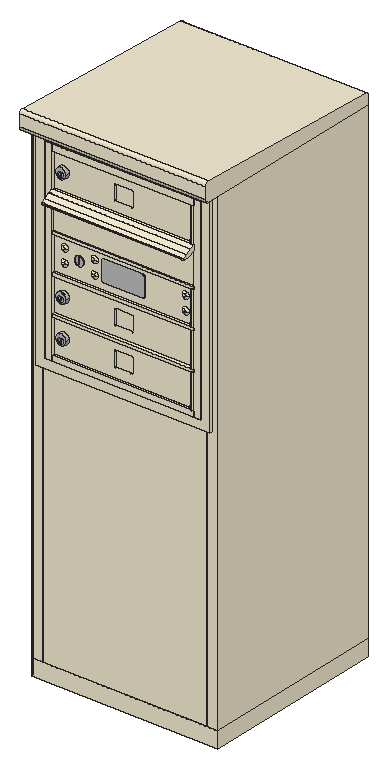
Revit family "Mailboxes_4C-Salsbury_Industries-Free_Standing-5_Door_High_Units", category Specialty Equipment, Revit 2016
Family settings
  Part Type = Normal
  Round Connector Dimension = Use Diameter
  OmniClass Number = 23.40.90.14.11
  OmniClass Title = Mail Boxes
  Work Plane-Based = No
  Always vertical = Yes
  Cut with Voids When Loaded = No
  Shared = No
  Room Calculation Point = No
Parameters (values of type "3905S-03")
  Width = 17.496"
  Visible Door Number = yes
  Version = "1.0 (06/30/17)"
  URL = "www.mailboxes.com"
  Type Comments = "Free-Standing 4C Horizontal Mailboxes - Front Loading"
  OmniClass 23 Title = "Mail Boxes"
  OmniClass 23 Number = "23.40.90.14.11"
  Model = "3905S-03"
  MasterFormat Title = "Postal Specialties"
  MasterFormat Number = "10 55 00"
  Manufacturer = "Salsbury Industries"
  Lock Material = Stainless Steel - Salsbury Finish -  Polished
  Height = 48.250"
  Front Panel Material [instance] = Paint - Salsbury Finish - Sandstone
  Front Panel Height = Height - [4C Unit Height] - 2.746"  # 25.504"
  Door Slot R5 Number [instance] = "3"
  Door Slot R4 Number [instance] = "2"
  Door Slot R3 Number [instance] = "0"
  Door Slot R2 Number [instance] = "0"
  Door Slot R1 Number [instance] = "1"
  Door Slot L5 Number [instance] = "0"
  Door Slot L4 Number [instance] = "0"
  Door Slot L3 Number [instance] = "0"
  Door Slot L2 Number [instance] = "0"
  Door Slot L1 Number [instance] = "0"
  Description = "5 Door High Unit:  3 MB1, OM2"
  Depth = 19.000"
  Assembly Description = "Mailboxes"
  Assembly Code = "C1030910"
  4C Unit Height = 20.000"
  4C Unit Elevation = 26.500"
  4C Unit = Mailboxes_4C-Salsbury_Industries-Front_Load-5_Door_High_Units : 3705S-03 FL
Reference planes (in)
  plane 1 "Center (Front/Back)": y = 0
  plane 2 "Bottom of Unit": z = 0
  plane 3 "Center (Left/Right)": x = 0
  plane 4 "Left Side of Unit": x = 8.748
  plane 5 "Right Side of Unit": x = -8.748
  plane 6 "Front of Unit": y = -9.5
  plane 7 "Back of Unit": y = 9.5
  plane 8: z = 24.125
  plane 9 "Top of Unit": z = 48.25
  plane 10 "Bottom Trim Line of Enclosure": z = 1.5
  plane 11 "Top Trim Line of Enclosure": z = 46.5
  plane 12 "Left Trim Line of Enclosure": x = 7.6855
  plane 13 "Right Trim Line of Enclosure": x = -7.685
  plane 14 "Top Back Line of Unit": z = 47.5
  plane 15 "Front Panel Top Line": z = 27.004
  plane 16 "Alignment of 4C Unit": y = -8.125
  plane 17: x = -8.667
  plane 18: x = 8.667
  plane 19: y = 9.419
  plane 20: y = -8.044
  plane 21: x = -8.667
  plane 22: x = 8.667
  plane 23: y = -8.044
  plane 24: y = 9.419
  plane 25: x = -8.667
  plane 26: x = 8.667
  plane 27: y = 9.419
  plane 28: y = -8.044
  plane 29 "Bottom Trim Line of 4C Unit": z = 26.5
  plane 30 "4C Unit Side Alignment": x = -8.17183
  plane 31: z = 0.081
Forms (in)
  Extrusion 1, solid, material "Paint - Salsbury Finish - Sandstone" <- "Front Panel Material"
    sketch origin (0, 0, 1.5) x (0, 1, 0) y (-1, 0, 0)
      loop
        line (-8.125, 7.685) -> (-8.044, 7.685) -> (-8.044, 8.667) -> (9.419, 8.667) -> (9.419, -8.667) -> (-8.044, -8.667) -> (-8.044, -7.6855) -> (-8.125, -7.6855) -> (-8.125, -8.748) -> (9.5, -8.748) -> (9.5, 8.748) -> (-8.125, 8.748) -> (-8.125, 7.685)
    from 0 to 45
  Extrusion 2, solid, material "Paint - Salsbury Finish - Sandstone" <- "Front Panel Material"
    sketch origin (0, 0, 0) x (1, 0, 0) y (0, 1, 0)
      loop
        line (-8.748, 9.5) -> (-8.748, -8.125) -> (8.748, -8.125) -> (8.748, 9.5) -> (-8.748, 9.5)
      loop
        line (-8.667, 9.419) -> (-8.667, -8.044) -> (8.667, -8.044) -> (8.667, 9.419) -> (-8.667, 9.419)
    from 0 to 1.5
  Extrusion 3, solid, material "Paint - Salsbury Finish - Sandstone" <- "Front Panel Material"
    sketch origin (0, 0, 0) x (1, 0, 0) y (0, 1, 0)
      loop
        line (-8.667, 9.419) -> (-8.667, -8.044) -> (8.667, -8.044) -> (8.667, 9.419) -> (-8.667, 9.419)
    from 0 to 0.081
  Extrusion 4, solid, material "Paint - Salsbury Finish - Sandstone" <- "Front Panel Material"
    sketch origin (0, -8.125, 0) x (1, 0, 0) y (0, 0, 1)
      loop
        line (7.6855, 1.5) -> (7.6855, 27.004) -> (-7.685, 27.004) -> (-7.685, 1.5) -> (7.6855, 1.5)
    from 0 to -0.081
  Extrusion 5, solid, material "Paint - Salsbury Finish - Sandstone" <- "Front Panel Material"
    sketch origin (0, 0, 0) x (0, 1, 0) y (0, 0, 1)
      loop
        line (-9.18965, 46.5) -> (9.5, 46.5) -> (9.5, 47.39071)
        arc (9.5, 47.39071) -> (9.47754, 47.45873) -> (9.419, 47.5) r 0.11423
        line (9.419, 47.5) -> (-9.184, 48.25)
        arc (-9.184, 48.25) -> (-9.40731, 48.15886) -> (-9.5, 47.93619) r 0.31382
        line (-9.5, 47.93619) -> (-9.5, 46.81035)
        arc (-9.5, 46.81035) -> (-9.4091, 46.5909) -> (-9.18965, 46.5) r 0.31035
    from -8.748 to 8.748
Lines and regions (in)
  symbolic lines
    curve 1: line (-8.748, 9.5, 0) -> (8.748, 9.5, 0)
    curve 2: line (-8.748, -9.5, 0) -> (-8.748, 9.5, 0)
    curve 3: line (8.748, -9.5, 0) -> (-8.748, -9.5, 0)
    curve 4: line (8.748, 9.5, 0) -> (8.748, -9.5, 0)
    curve 5: line (-8.748, 0, 48.25) -> (8.748, 0, 48.25)
    curve 6: line (-8.748, 0, 0) -> (-8.748, 0, 48.25)
    curve 7: line (8.748, 0, 0) -> (-8.748, 0, 0)
    curve 8: line (8.748, 0, 48.25) -> (8.748, 0, 0)
    curve 9: line (-8.748, 0, 46.5) -> (8.748, 0, 46.5)
    curve 10: line (-8.748, 0, 1.5) -> (8.748, 0, 1.5)
    curve 11: line (-7.685, 0, 1.5) -> (-7.685, 0, 26.5)
    curve 12: line (7.6855, 0, 1.5) -> (7.6855, 0, 26.5)
    curve 13: line (-7.685, 0, 27.004) -> (7.6855, 0, 27.004)
    curve 14: line (0, -8.125, 46.50073) -> (0, 9.5, 46.50073)
    curve 15: line (0, -8.125, 0) -> (0, -8.125, 46.50073)
    curve 16: line (0, 9.5, 0) -> (0, -8.125, 0)
    curve 17: line (0, 9.5, 46.50073) -> (0, 9.5, 0)
    curve 18: line (0, -8.125, 1.5) -> (0, 9.5, 1.5)
    curve 19: line (0, 9.5, 47.39071) -> (0, 9.5, 46.50073)
    curve 20: line (0, 9.5, 46.50073) -> (0, -9.19074, 46.50073)
    curve 21: line (0, -9.5, 46.80999) -> (0, -9.5, 47.93531)
    curve 22: arc (0, -9.19074, 46.50073) -> (0, -9.40942, 46.59131) -> (0, -9.5, 46.80999) r 0.30926
    curve 23: arc (0, -9.5, 47.93531) -> (0, -9.40736, 48.15896) -> (0, -9.18371, 48.2516) r 0.31629
    curve 24: arc (0, 9.5, 47.39071) -> (0, 9.47754, 47.45873) -> (0, 9.419, 47.5) r 0.11423
    curve 25: line (0, 9.419, 47.5) -> (0, -9.18371, 48.2516)
Dimensions and locks (in)
  equal spacing: plane 6 "Front of Unit", plane 1 "Center (Front/Back)", plane 7 "Back of Unit"
  "Depth": plane 6 "Front of Unit" to plane 7 "Back of Unit"
  equal spacing: plane 5 "Right Side of Unit", plane 3 "Center (Left/Right)", plane 4 "Left Side of Unit"
  "Width": plane 5 "Right Side of Unit" to plane 4 "Left Side of Unit"
  equal spacing: plane 2 "Bottom of Unit", plane 8, plane 9 "Top of Unit"
  plane 2 "Bottom of Unit" to plane 9 "Top of Unit" = 48.250"
  locked: plane 2 "Bottom of Unit" to plane 10 "Bottom Trim Line of Enclosure" at 1.5
  "Front Panel Height": plane 10 "Bottom Trim Line of Enclosure" to plane 15 "Front Panel Top Line"
  locked: plane 5 "Right Side of Unit" to plane 13 "Right Trim Line of Enclosure" at 1.063
  locked: plane 12 "Left Trim Line of Enclosure" to plane 4 "Left Side of Unit" at 1.0625
  plane 11 "Top Trim Line of Enclosure" to plane 14 "Top Back Line of Unit" to plane 9 "Top of Unit" = 1.000", 0.750"
  plane 6 "Front of Unit" to plane 16 "Alignment of 4C Unit" = 1.375"
  plane 11 "Top Trim Line of Enclosure" to plane 9 "Top of Unit" = 1.750"
  plane 5 "Right Side of Unit" to plane 17 = 0.081"
  plane 19 to plane 7 "Back of Unit" = 0.081"
  plane 18 to plane 4 "Left Side of Unit" = 0.081"
  plane 16 "Alignment of 4C Unit" to plane 20 = 0.081"
  plane 24 to plane 7 "Back of Unit" = 0.081"
  plane 5 "Right Side of Unit" to plane 21 = 0.081"
  plane 22 to plane 4 "Left Side of Unit" = 0.081"
  plane 16 "Alignment of 4C Unit" to plane 23 = 0.081"
  plane 16 "Alignment of 4C Unit" to plane 28 = 0.081"
  plane 26 to plane 4 "Left Side of Unit" = 0.081"
  plane 5 "Right Side of Unit" to plane 25 = 0.081"
  plane 27 to plane 7 "Back of Unit" = 0.081"
  plane 30 "4C Unit Side Alignment" to plane 13 "Right Trim Line of Enclosure" = 0.48683"
  locked: plane 31 to plane 2 "Bottom of Unit" at 0.081
  "Height": plane 9 "Top of Unit" to plane 2 "Bottom of Unit"
  "4C Unit Height": plane 11 "Top Trim Line of Enclosure" to plane 29 "Bottom Trim Line of 4C Unit"
  plane 15 "Front Panel Top Line" to plane 29 "Bottom Trim Line of 4C Unit" = 0.504"
  aligned and locked: level to plane 2 "Bottom of Unit"
  aligned and locked: Extrusion 1 to plane 11 "Top Trim Line of Enclosure"
  aligned and locked: Extrusion 2 sketch curve to Extrusion 1  (x4)
  aligned and locked: Extrusion 2 to plane 10 "Bottom Trim Line of Enclosure"
  aligned and locked: Extrusion 3 sketch curve to Extrusion 1  (x3)
  aligned and locked: plane 15 "Front Panel Top Line" to Extrusion 4 sketch curve
  aligned and locked: plane 13 "Right Trim Line of Enclosure" to Extrusion 4 sketch curve
  aligned and locked: plane 12 "Left Trim Line of Enclosure" to Extrusion 4 sketch curve
  aligned and locked: Extrusion 5 to plane 4 "Left Side of Unit"
  aligned and locked: plane 5 "Right Side of Unit" to Extrusion 5
  aligned and locked: plane 13 "Right Trim Line of Enclosure" to Extrusion 1 sketch curve
  aligned and locked: Extrusion 1 sketch curve to plane 20
  aligned and locked: Extrusion 1 sketch curve to plane 16 "Alignment of 4C Unit"  (x2)
  aligned and locked: Extrusion 1 sketch curve to plane 5 "Right Side of Unit"
  aligned and locked: plane 17 to Extrusion 1 sketch curve
  aligned and locked: Extrusion 1 sketch curve to plane 19
  aligned and locked: plane 7 "Back of Unit" to Extrusion 1 sketch curve
  aligned and locked: plane 4 "Left Side of Unit" to Extrusion 1 sketch curve
  aligned and locked: Extrusion 1 sketch curve to plane 18
  aligned and locked: plane 20 to Extrusion 1 sketch curve
  aligned and locked: plane 12 "Left Trim Line of Enclosure" to Extrusion 1 sketch curve
  aligned and locked: plane 10 "Bottom Trim Line of Enclosure" to Extrusion 1
  aligned and locked: plane 6 "Front of Unit" to Extrusion 5 sketch curve  (x2)
  aligned and locked: plane 11 "Top Trim Line of Enclosure" to Extrusion 5 sketch curve
  aligned and locked: Extrusion 5 sketch curve to plane 7 "Back of Unit"
  aligned and locked: plane 7 "Back of Unit" to Extrusion 5 sketch curve
  aligned and locked: plane 14 "Top Back Line of Unit" to Extrusion 5 sketch curve
  aligned and locked: plane 9 "Top of Unit" to Extrusion 5 sketch curve
  aligned and locked: Extrusion 4 sketch curve to plane 10 "Bottom Trim Line of Enclosure"
  aligned and locked: plane 16 "Alignment of 4C Unit" to Extrusion 4
  aligned and locked: Extrusion 4 to plane 28
  aligned and locked: Extrusion 3 to plane 2 "Bottom of Unit"
  aligned and locked: plane 31 to Extrusion 3
  aligned and locked: Extrusion 2 to plane 2 "Bottom of Unit"
  aligned and locked: plane 22 to Extrusion 2 sketch curve
  aligned and locked: Extrusion 2 sketch curve to plane 21
  aligned and locked: plane 24 to Extrusion 2 sketch curve
  aligned and locked: curve 1 to Extrusion 1
  aligned and locked: curve 2 to Extrusion 1
  aligned and locked: curve 4 to Extrusion 1
  aligned and locked: curve 6 to Extrusion 5
  aligned and locked: curve 7 to Extrusion 2
  aligned and locked: plane 9 "Top of Unit" to curve 5
  aligned and locked: curve 9 to Extrusion 1
  aligned and locked: plane 5 "Right Side of Unit" to curve 9
  aligned and locked: plane 4 "Left Side of Unit" to curve 9
  aligned and locked: plane 4 "Left Side of Unit" to curve 10
  aligned and locked: Extrusion 1 to curve 11
  aligned and locked: plane 10 "Bottom Trim Line of Enclosure" to curve 11
  aligned and locked: curve 12 to Extrusion 1
  aligned and locked: plane 10 "Bottom Trim Line of Enclosure" to curve 12
  aligned and locked: curve 13 to Extrusion 4
  aligned and locked: plane 12 "Left Trim Line of Enclosure" to curve 13
  aligned and locked: plane 13 "Right Trim Line of Enclosure" to curve 13
  aligned and locked: plane 7 "Back of Unit" to curve 17
  aligned and locked: plane 2 "Bottom of Unit" to curve 16
  aligned and locked: plane 11 "Top Trim Line of Enclosure" to Extrusion 5
  aligned and locked: plane 16 "Alignment of 4C Unit" to Extrusion 1
  aligned and locked: Extrusion 1 to curve 18
  aligned and locked: plane 7 "Back of Unit" to curve 18
  aligned and locked: plane 16 "Alignment of 4C Unit" to curve 18
  aligned and locked: curve 19 to Extrusion 5
  aligned and locked: curve 20 to curve 14
  aligned and locked: curve 21 to Extrusion 5
  aligned and locked: plane 29 "Bottom Trim Line of 4C Unit" to curve 12
  aligned and locked: curve 3 to plane 6 "Front of Unit"
  aligned and locked: plane 30 "4C Unit Side Alignment" to nested 1
Automatic sketch dimensions
  Extrusion 5 sketch curve to plane 27 = 0.000"
  Extrusion 5 sketch curve to plane 6 "Front of Unit" = 0.31035"
  Extrusion 5 sketch curve to plane 6 "Front of Unit" = 0.31382"
  plane 27 to Extrusion 5 sketch curve = 0.03323"
  Extrusion 5 sketch curve to Extrusion 5 sketch curve = 0.00218"
  plane 23 to Extrusion 2 sketch curve = 0.000"
  plane 28 to Extrusion 3 sketch curve = 0.000"
  plane 14 "Top Back Line of Unit" to curve 25 = 0.000"
  curve 25 to plane 27 = 0.000"
  curve 22 to plane 6 "Front of Unit" = 0.30926"
  plane 27 to curve 24 = 0.03323"
  curve 15 to plane 11 "Top Trim Line of Enclosure" = 0.00073"
  plane 9 "Top of Unit" to curve 21 = 0.31469"
  curve 25 to plane 9 "Top of Unit" = 0.0016"
  curve 11 to plane 29 "Bottom Trim Line of 4C Unit" = 0.000"
Nested families (in)
  nested 1: "Mailboxes_4C-Salsbury_Industries-Front_Load-5_Door_High_Units" at (7.377, -8.125, -0.183) x (-1, 0, 0) z (0, 0, 1), built-in parameter 1001360 <- "4C Unit Elevation", type <- "4C Unit", Front Panel Material <- "Front Panel Material", Visible Door Number <- "Visible Door Number", Door Slot L1 Number <- "Door Slot L1 Number", Door Slot L2 Number <- "Door Slot L2 Number", Door Slot L3 Number <- "Door Slot L3 Number", Door Slot L4 Number <- "Door Slot L4 Number", Door Slot L5 Number <- "Door Slot L5 Number", Door Slot R1 Number <- "Door Slot R1 Number", Door Slot R2 Number <- "Door Slot R2 Number", Door Slot R3 Number <- "Door Slot R3 Number", Door Slot R4 Number <- "Door Slot R4 Number", Door Slot R5 Number <- "Door Slot R5 Number", type "3705S-03 FL"
    with Visible Door Number yes, Front Panel Material Paint - Salsbury Finish - Sandstone, Door Slot R5 Number "3", Door Slot R4 Number "2", Door Slot R3 Number "0", Door Slot R2 Number "0", Door Slot R1 Number "1", Door Slot L5 Number "0", Door Slot L4 Number "0", Door Slot L3 Number "0", Door Slot L2 Number "0", Door Slot L1 Number "0", built-in parameter 1001320 48.000"
Definition of nested family "Mailboxes_4C-Salsbury_Industries-Front_Load-5_Door_High_Units"
  Parameters (values of type "3705S-03 FL")
    Width = 16.344"
    URL = "www.mailboxes.com"
    OmniClass 23 Title = "Mail Boxes"
    OmniClass 23 Number = "23.40.90.14.11"
    Visible Door Number [instance] = yes
    Vertical Center Divider = no
    Version = "3.0 (06/30/17)"
    Type Comments = "4C Standard Horizontal Mailbox - Front Loading"
    Top Back Plate = yes
    Right Inside Wall = yes
    Model = "3705S-03 FL"
    MasterFormat Title = "Postal Specialties"
    MasterFormat Number = "10 55 00"
    Manufacturer = "Salsbury Industries"
    Mail Door Symbollic = yes
    Lock Material = none
    Left Inside Wall = yes
    Keynote = ""
    Height = 20.000"
    Front Panel Material [instance] = none
    Door Slot R5 Number [instance] = "3"
    Door Slot R5 = 3700 Series 4C Door Configurations : MB1 Door w/ Divider
    Door Slot R4 Number [instance] = "2"
    Door Slot R4 = 3700 Series 4C Door Configurations : MB1 Door w/ Divider
    Door Slot R3 Number [instance] = "0"
    Door Slot R3 = 3700 Series 4C OM2 Configuration : OM2-FL
    Door Slot R2 Number [instance] = "0"
    Door Slot R2 = 3700 Series 4C Door Configurations : Empty
    Door Slot R1 Number [instance] = "1"
    Door Slot R1 = 3700 Series 4C Door Configurations : MB1 Door
    Door Slot L5 Number [instance] = "0"
    Door Slot L5 = 3700 Series 4C Door Configurations : Empty
    Door Slot L4 Number [instance] = "0"
    Door Slot L4 = 3700 Series 4C Door Configurations : Empty
    Door Slot L3 Number [instance] = "0"
    Door Slot L3 = 3700 Series 4C Door Configurations : Empty
    Door Slot L2 Number [instance] = "0"
    Door Slot L2 = 3700 Series 4C Door Configurations : Empty
    Door Slot L1 Number [instance] = "0"
    Door Slot L1 = 3700 Series 4C Door Configurations : Empty
    Description = "5 Door High Unit:  3 MB1, OM2"
    Depth = 17.025"
    Default Elevation [instance] = 48.000"
    Center Extrusion Offset = 0.000"
    Bottom Back Plate = yes
    Back Enclosure Material = none
    Assembly Description = "Mailboxes"
    Assembly Code = "C1030910"
  Types (7): name | Width | Vertical Center Divider | Model | Mail Door Symbollic | Door Slot R5 Number | Door Slot R5 | Door Slot R4 Number | Door Slot R4 | Door Slot R3 | Door Slot R2 | Door Slot R1 Number | Door Slot R1 | Door Slot L5 Number | Door Slot L5 | Door Slot L4 Number | Door Slot L4 | Door Slot L3 Number | Door Slot L3 | Door Slot L2 Number | Door Slot L2 | Door Slot L1 Number | Door Slot L1 | Description
    3705D-08 FL | 31.09766" | yes | "3705D-08 FL" | yes | "8" | 3700 Series 4C Door Configurations : MB1 Door w/ Divider | "7" | 3700 Series 4C Door Configurations : MB1 Door w/ Divider | 3700 Series 4C OM2 Configuration : OM2-FL | 3700 Series 4C Door Configurations : Empty | "6" | 3700 Series 4C Door Configurations : MB1 Door | "5" | 3700 Series 4C Door Configurations : MB1 Door w/ Divider | "4" | 3700 Series 4C Door Configurations : MB1 Door w/ Divider | "3" | 3700 Series 4C Door Configurations : MB1 Door w/ Divider | "2" | 3700 Series 4C Door Configurations : MB1 Door w/ Divider | "1" | 3700 Series 4C Door Configurations : MB1 Door | "5 Door High Unit:  8 MB1, OM2"
    3705S-03 FL | 16.344" | no | "3705S-03 FL" | yes | "3" | 3700 Series 4C Door Configurations : MB1 Door w/ Divider | "2" | 3700 Series 4C Door Configurations : MB1 Door w/ Divider | 3700 Series 4C OM2 Configuration : OM2-FL | 3700 Series 4C Door Configurations : Empty | "1" | 3700 Series 4C Door Configurations : MB1 Door | "0" | 3700 Series 4C Door Configurations : Empty | "0" | 3700 Series 4C Door Configurations : Empty | "0" | 3700 Series 4C Door Configurations : Empty | "0" | 3700 Series 4C Door Configurations : Empty | "0" | 3700 Series 4C Door Configurations : Empty | "5 Door High Unit:  3 MB1, OM2"
    3705D-07 FL | 31.09766" | yes | "3705D-07 FL" | yes | "7" | 3700 Series 4C Door Configurations : MB1 Door w/ Divider | "0" | 3700 Series 4C OM3 Configuration : OM3-FL | 3700 Series 4C Door Configurations : Empty | 3700 Series 4C Door Configurations : Empty | "6" | 3700 Series 4C Door Configurations : MB1 Door | "5" | 3700 Series 4C Door Configurations : MB1 Door w/ Divider | "4" | 3700 Series 4C Door Configurations : MB1 Door w/ Divider | "3" | 3700 Series 4C Door Configurations : MB1 Door w/ Divider | "2" | 3700 Series 4C Door Configurations : MB1 Door w/ Divider | "1" | 3700 Series 4C Door Configurations : MB1 Door | "5 Door High Unit:  7 MB1, OM3"
    3705D-03 FL | 31.09766" | yes | "3705D-03 FL" | yes | "3" | 3700 Series 4C Door Configurations : MB1 Door w/ Divider | "2" | 3700 Series 4C Door Configurations : MB1 Door w/ Divider | 3700 Series 4C OM2 Configuration : OM2-FL | 3700 Series 4C Door Configurations : Empty | "1" | 3700 Series 4C Door Configurations : MB1 Door | "1P" | 3700 Series 4C Parcel Configurations : PL5 | "0" | 3700 Series 4C Door Configurations : Empty | "0" | 3700 Series 4C Door Configurations : Empty | "0" | 3700 Series 4C Door Configurations : Empty | "0" | 3700 Series 4C Door Configurations : Empty | "5 Door High Unit:  3 MB1, 1 PL5, OM2"
    3705D-01 FL | 31.09766" | yes | "3705D-01 FL" | yes | "1" | 3700 Series 4C Door Configurations : MB3 Door w/ Divider | "0" | 3700 Series 4C Door Configurations : Empty | 3700 Series 4C Door Configurations : Empty | 3700 Series 4C OM2 Configuration : OM2-FL | "0" | 3700 Series 4C Door Configurations : Empty | "1P" | 3700 Series 4C Parcel Configurations : PL5 | "0" | 3700 Series 4C Door Configurations : Empty | "0" | 3700 Series 4C Door Configurations : Empty | "0" | 3700 Series 4C Door Configurations : Empty | "0" | 3700 Series 4C Door Configurations : Empty | "5 Door High Unit:  1 MB3, 1 PL5, OM2"
    3705D-2P FL | 31.09766" | yes | "3705D-2P FL" | no | "2P" | 3700 Series 4C Parcel Configurations : PL5 | "0" | 3700 Series 4C Door Configurations : Empty | 3700 Series 4C Door Configurations : Empty | 3700 Series 4C Door Configurations : Empty | "0" | 3700 Series 4C Door Configurations : Empty | "1P" | 3700 Series 4C Parcel Configurations : PL5 | "0" | 3700 Series 4C Door Configurations : Empty | "0" | 3700 Series 4C Door Configurations : Empty | "0" | 3700 Series 4C Door Configurations : Empty | "0" | 3700 Series 4C Door Configurations : Empty | "5 Door High Unit:  2 PL5"
    3705S-1P FL | 16.344" | no | "3705S-1P FL" | no | "1P" | 3700 Series 4C Parcel Configurations : PL5 | "0" | 3700 Series 4C Door Configurations : Empty | 3700 Series 4C Door Configurations : Empty | 3700 Series 4C Door Configurations : Empty | "0" | 3700 Series 4C Door Configurations : Empty | "0" | 3700 Series 4C Door Configurations : Empty | "0" | 3700 Series 4C Door Configurations : Empty | "0" | 3700 Series 4C Door Configurations : Empty | "0" | 3700 Series 4C Door Configurations : Empty | "0" | 3700 Series 4C Door Configurations : Empty | "5 Door High Unit:  1 PL5"
  Reference planes (in)
    plane 1 "Wall Centerline": y = -3
    plane 2 "Center (Left/Right)": x = 0
    plane 3 "Front": y = 0
    plane 4 "15" AFF": z = 28
    plane 5 "28" AFF": z = 28
    plane 6 "36" AFF": z = 36
    plane 7 "48" AFF": z = 48
    plane 8 "Bottom of Unit": z = 26.683
    plane 9 "Top of Unit": z = 46.683
    plane 10 "Left Side of Unit": x = 15.54883
    plane 11 "Right Side of Unit": x = -0.79517
    plane 12 "28" AFF_Bottom of Unit": z = 26.683
    plane 13 "Top Horiz Trim Align": z = 45.85225
    plane 14 "Bottom Horiz Trim Align": z = 27.515
    plane 15 "Left Trim Align": x = 14.716
    plane 16 "Right Trim Align": x = 0.03766
    plane 17 "Left Door Align": x = 14.06641
    plane 18 "Right Door Align": x = 0.68725
    plane 19 "Top Horiz Door Align": z = 45.26125
    plane 20 "Bottom Horiz Door Align": z = 28
    plane 21 "Front Face of Unit": y = 0.265
    plane 22 "Top Housing Align": z = 46.179
    plane 23 "Top Collar Align": z = 46.031
    plane 24 "Top Box Align": z = 45.676
    plane 25 "Vertical Housing Align": y = -1.205
    plane 26 "Vertical Collar Align": y = -2.205
    plane 27 "Back of Unit": y = -16.76
    plane 28 "Bottom Housing Align": z = 27.187
    plane 29 "Bottom Collar Align": z = 27.335
    plane 30 "Bottom Box Align": z = 27.75
    plane 31 "Door Alignment": y = -0.33191
    plane 32 "Right Housing Align": x = -0.08817
    plane 33 "Right Collar Align": x = 1.34483
    plane 34 "Right Box Side Align": x = 1.67283
    plane 35 "Left Housing Align": x = 14.84183
    plane 36 "Left Collar Align": x = 13.40883
    plane 37 "Left Side Box Align": x = 13.08083
    plane 38 "Top Back Plate Align": z = 44.897
    plane 39 "Bottom Back Plate Align": z = 28.499
    plane 40 "Back": y = -6
    plane 41 "RO Left Side": x = 15.17383
    plane 42 "RO Right Side": x = -0.42017
    plane 43 "RO Bottom": z = 27.058
    plane 44 "RO Top": z = 46.308
    plane 45 "Horiz Centerline": z = 42.04237
    plane 46: z = 27.885
    plane 47: x = 12.99983
    plane 48: x = 12.92758
    plane 49 "Center Extrusion": x = 0
    plane 50 "Center Extrusion Offset": x = 0
    plane 51 "Row 5 Top Align": z = 31.5
    plane 52 "Row 4 Top Align": z = 35
    plane 53 "Row 3 Top Align": z = 38.5
    plane 54 "Row 2 Top Align": z = 42
    plane 55 "Row 16 Top Align-Private": z = 31.5
    plane 56 "Row 15 Top Align-Private": z = 35
    plane 57 "Row 14 Top Align-Private": z = 38.5
    plane 58 "Row 13 Top Align-Private": z = 42
    plane 59 "Row 12 Top Align-Private": z = 45.5
    plane 60 "Row 11 Top Align-Private": z = 49
    plane 61 "Row 10 Top Align-Private": z = 52.25
    plane 62 "Row 9 Top Align-Private": z = 55.75
    plane 63 "Row 8 Top Align-Private": z = 59.25
    plane 64 "Top of Face Gap": z = 61.25
    plane 65 "Top Latch Align": z = 37.376
    plane 66 "Bottom Latch Align": z = 36.05
    plane 67 "Right Latch Align": x = -0.69183
    plane 68 "Left Latch Align": x = 0.69098
    plane 69 "Latch Alignment Edge": x = -0.79517
    plane 70: x = -12.92783
    plane 71: x = -12.99983
    plane 72: y = -16.84203
    plane 73: x = -2
    plane 74: x = -0.7705
    plane 75: x = 0.7705
    plane 76: x = 2
    plane 77: y = -16.67797
    plane 78: x = -0.69098
    plane 79: x = 0.69183
    plane 80: z = 43.397
    plane 81: z = 29.999
    plane 82: z = 45.31729
    plane 83: z = 28.41625
    plane 84: z = 27.446
    plane 85: z = 28.055
    plane 86: y = -6
    plane 87: x = 14.06183
  Forms (in)
    Extrusion 1, solid, material <- "Front Panel Material"
      sketch origin (0, 0, 0) x (1, 0, 0) y (0, 0, 1)
        loop
          line (15.54883, 46.683) -> (-0.79517, 46.683) -> (-0.79517, 26.683) -> (15.54883, 26.683) -> (15.54883, 46.683)
      from -0.265 to 0
    Extrusion 2, void
      sketch origin (0, 0.265, 0.00774) x (0, 0, -1) y (-1, 0, 0)
        loop
          line (-45.84451, -14.716) -> (-27.50726, -14.716) -> (-27.50726, -0.03766) -> (-45.84451, -0.03766) -> (-45.84451, -14.716)
      from -0.265 to 0
    Extrusion 3, solid, material <- "Front Panel Material"
      sketch origin (14.98214, 0.265, -1.67978) x (0, 0, -1) y (-1, 0, 0)
        loop
          line (-47.53203, 14.94448) -> (-47.53203, 14.29489) -> (-29.19478, 14.29489) -> (-29.19478, 14.94448) -> (-47.53203, 14.94448)
      from 0 to -0.265
    Extrusion 4, solid, material <- "Front Panel Material"
      sketch origin (0, 0.265, 0) x (0, 0, -1) y (-1, 0, 0)
        loop
          line (-27.515, -14.06641) -> (-27.515, -0.68725) -> (-28, -0.68725) -> (-28, -14.06641) -> (-27.515, -14.06641)
      from -0.265 to 0
    Extrusion 5, solid, material <- "Front Panel Material"
      sketch origin (0, 0.265, 0) x (0, 0, -1) y (-1, 0, 0)
        loop
          line (-45.85225, -14.716) -> (-27.515, -14.716) -> (-27.515, -14.06641) -> (-45.85225, -14.06641) -> (-45.85225, -14.716)
      from 0 to -0.265
    Extrusion 6, solid, material <- "Front Panel Material"
      sketch origin (0, 0.265, 0) x (0, 0, -1) y (-1, 0, 0)
        loop
          line (-45.85225, -14.06641) -> (-45.26125, -14.06641) -> (-45.26125, -0.68725) -> (-45.85225, -0.68725) -> (-45.85225, -14.06641)
      from -0.265 to 0
    Extrusion 7, solid, material <- "Front Panel Material", visible <- "Vertical Center Divider"
      sketch origin (-0.77934, 0.265, 0) x (0, 0, 1) y (1, 0, 0)
        loop
          line (45.85225, 1.47033) -> (27.515, 1.47033) -> (27.515, 0.08752) -> (45.85225, 0.08752) -> (45.85225, 1.47033)
      from 0 to -1.47
    Extrusion 8, solid
      sketch origin (0, -6, 60) x (0, 0, 1) y (1, 0, 0)
        loop
          line (-60, -60) -> (60, -60) -> (60, 60) -> (-60, 60) -> (-60, -60)
      from 0 to 6
  Cuts and joins
    Extrusion 2 cuts Extrusion 1
  Lines and regions (in)
    model lines
      curve 1: line (15.54883, 0.265, 46.683) -> (14.716, 0.265, 45.85225)
      curve 2: line (-0.79517, 0.265, 46.683) -> (0.03766, 0.265, 45.85225)
      curve 3: line (-0.79517, 0.265, 26.683) -> (0.03766, 0.265, 27.515)
      curve 4: line (15.54883, 0.265, 26.683) -> (14.716, 0.265, 27.515)
    reference lines
      curve 5: line (0.68725, -0.33191, 26.683) -> (0.68725, -0.33191, 46.683)
      curve 6: line (14.06641, -0.33191, 26.683) -> (14.06641, -0.33191, 46.683)
    symbolic lines
      curve 7: line (-0.79517, 0.265, 28) -> (15.54883, 0.265, 28)
      curve 8: line (-0.79517, 0, 28) -> (-0.79517, 0.265, 28)
      curve 9: line (15.54883, 0, 28) -> (-0.79517, 0, 28)
      curve 10: line (15.54883, 0.265, 28) -> (15.54883, 0, 28)
    symbolic lines, visible <- "Mail Door Symbollic"
      curve 11: line (0.68725, 0.265, 28) -> (0.68725, 1.43, 28)
      curve 12: line (0.68725, 1.43, 28) -> (14.06183, 1.43, 28)
      curve 13: line (14.06183, 1.43, 28) -> (14.06183, 0.265, 28)
  Text (in)
    text "Placement Side" at (0, 40.15149, 123.01588), in view "Right"
    text "Placement Side" at (-58.6842, 42.74981, 0), in view "Ref. Level"
    text "Placement Side" at (0, 47.49176, 140.59947), in view "Left"
  Dimensions and locks (in)
    locked: plane 3 "Front" to Extrusion 8
    level to plane 4 "15" AFF" = 28.000"
    locked: level to plane 5 "28" AFF" at 28
    locked: level to plane 6 "36" AFF" at 36
    locked: level to plane 7 "48" AFF" at 48
    plane 8 "Bottom of Unit" to plane 4 "15" AFF" = 1.317"
    "Height": plane 8 "Bottom of Unit" to plane 9 "Top of Unit"
    plane 12 "28" AFF_Bottom of Unit" to plane 5 "28" AFF" = 1.317"
    locked: plane 15 "Left Trim Align" to plane 10 "Left Side of Unit" at 0.83283
    locked: plane 16 "Right Trim Align" to plane 11 "Right Side of Unit" at 0.83283
    locked: plane 13 "Top Horiz Trim Align" to plane 9 "Top of Unit" at 0.83075
    locked: plane 8 "Bottom of Unit" to plane 14 "Bottom Horiz Trim Align" at 0.832
    plane 17 "Left Door Align" to plane 15 "Left Trim Align" = 0.64959"
    locked: plane 18 "Right Door Align" to plane 16 "Right Trim Align" at 0.64959
    locked: plane 19 "Top Horiz Door Align" to plane 13 "Top Horiz Trim Align" at 0.591
    locked: plane 14 "Bottom Horiz Trim Align" to plane 20 "Bottom Horiz Door Align" at 0.485
    plane 20 "Bottom Horiz Door Align" to level = 28.000"
    plane 5 "28" AFF" to level = 28.000"
    plane 6 "36" AFF" to level = 36.000"
    plane 7 "48" AFF" to level = 48.000"
    plane 9 "Top of Unit" to plane 8 "Bottom of Unit" = 20.000"
    plane 21 "Front Face of Unit" to Extrusion 8 = 0.265"
    locked: Extrusion 8 to plane 25 "Vertical Housing Align" at 1.205
    locked: plane 25 "Vertical Housing Align" to plane 26 "Vertical Collar Align" at 1
    plane 25 "Vertical Housing Align" to plane 27 "Back of Unit" = 15.555"
    "Depth": plane 21 "Front Face of Unit" to plane 27 "Back of Unit"
    locked: plane 9 "Top of Unit" to plane 22 "Top Housing Align" at 0.504
    locked: plane 22 "Top Housing Align" to plane 23 "Top Collar Align" at 0.148
    locked: plane 23 "Top Collar Align" to plane 24 "Top Box Align" at 0.355
    locked: plane 28 "Bottom Housing Align" to plane 8 "Bottom of Unit" at 0.504
    locked: plane 29 "Bottom Collar Align" to plane 28 "Bottom Housing Align" at 0.148
    locked: plane 30 "Bottom Box Align" to plane 29 "Bottom Collar Align" at 0.415
    plane 24 "Top Box Align" to plane 30 "Bottom Box Align" = 17.926"  (x2)
    locked: plane 21 "Front Face of Unit" to plane 31 "Door Alignment" at 0.59691
    plane 11 "Right Side of Unit" to plane 32 "Right Housing Align" to plane 33 "Right Collar Align" to plane 34 "Right Box Side Align" = 0.707" locked, 1.433" locked, 0.328" locked
    plane 37 "Left Side Box Align" to plane 36 "Left Collar Align" to plane 35 "Left Housing Align" to plane 10 "Left Side of Unit" = 0.328" locked, 1.433" locked, 0.707" locked
    plane 11 "Right Side of Unit" to plane 32 "Right Housing Align" to plane 33 "Right Collar Align" to plane 34 "Right Box Side Align" = 0.707", 1.433", 0.328"
    plane 37 "Left Side Box Align" to plane 36 "Left Collar Align" to plane 35 "Left Housing Align" to plane 10 "Left Side of Unit" = 0.328", 1.433", 0.707"
    plane 9 "Top of Unit" to plane 24 "Top Box Align" = 1.007"
    plane 30 "Bottom Box Align" to plane 8 "Bottom of Unit" = 1.067"
    locked: plane 24 "Top Box Align" to plane 38 "Top Back Plate Align" at 0.779
    locked: plane 39 "Bottom Back Plate Align" to plane 30 "Bottom Box Align" at 0.749
    locked: plane 41 "RO Left Side" to plane 10 "Left Side of Unit" at 0.375
    locked: plane 42 "RO Right Side" to plane 11 "Right Side of Unit" at 0.375
    locked: plane 8 "Bottom of Unit" to plane 43 "RO Bottom" at 0.375
    locked: plane 44 "RO Top" to plane 9 "Top of Unit" at 0.375
    plane 46 to plane 30 "Bottom Box Align" = 0.135"
    plane 47 to plane 37 "Left Side Box Align" = 0.081"
    plane 48 to plane 47 = 0.07225"
    plane 18 "Right Door Align" to plane 17 "Left Door Align" = 13.37916"
    "Center Extrusion Offset": plane 49 "Center Extrusion" to plane 50 "Center Extrusion Offset"
    plane 20 "Bottom Horiz Door Align" to plane 51 "Row 5 Top Align" to plane 52 "Row 4 Top Align" to plane 53 "Row 3 Top Align" to plane 54 "Row 2 Top Align" = 3.500", 3.500" locked, 3.500" locked, 3.500" locked
    plane 4 "15" AFF" to plane 55 "Row 16 Top Align-Private" = 3.500"
    plane 55 "Row 16 Top Align-Private" to plane 56 "Row 15 Top Align-Private" to plane 57 "Row 14 Top Align-Private" to plane 58 "Row 13 Top Align-Private" to plane 59 "Row 12 Top Align-Private" to plane 60 "Row 11 Top Align-Private" to plane 61 "Row 10 Top Align-Private" to plane 62 "Row 9 Top Align-Private" to plane 63 "Row 8 Top Align-Private" = 3.500" locked, 3.500" locked, 3.500" locked, 3.500" locked, 3.500" locked, 3.250" locked, 3.500" locked, 3.500" locked
    locked: plane 63 "Row 8 Top Align-Private" to plane 64 "Top of Face Gap" at 2
    level to plane 8 "Bottom of Unit" = 26.683"
    locked: plane 67 "Right Latch Align" to plane 68 "Left Latch Align" at 1.38281
    plane 24 "Top Box Align" to plane 65 "Top Latch Align" = 8.300"
    plane 66 "Bottom Latch Align" to plane 30 "Bottom Box Align" = 8.300"
    plane 69 "Latch Alignment Edge" to plane 67 "Right Latch Align" = 0.10334"
    plane 71 to plane 70 to plane 34 "Right Box Side Align" = 0.072", 14.60066"
    plane 72 to plane 27 "Back of Unit" = 0.08203"
    plane 27 "Back of Unit" to plane 77 = 0.08203"
    plane 73 to plane 74 to plane 67 "Right Latch Align" to plane 50 "Center Extrusion Offset" = 1.2295", 0.07867", 0.69183"
    plane 50 "Center Extrusion Offset" to plane 68 "Left Latch Align" to plane 75 to plane 76 = 0.69098", 0.07952", 1.2295"
    plane 78 to plane 49 "Center Extrusion" to plane 79 = 0.69098" locked, 0.69183" locked
    plane 11 "Right Side of Unit" to Extrusion 1 = 16.344"
    plane 38 "Top Back Plate Align" to plane 80 = 1.500"
    plane 81 to plane 39 "Bottom Back Plate Align" = 1.500"
    locked: plane 82 to plane 24 "Top Box Align" at 0.35871
    plane 14 "Bottom Horiz Trim Align" to plane 83 = 0.90125"
    plane 84 to plane 30 "Bottom Box Align" to plane 85 = 0.304" locked, 0.305" locked
    plane 11 "Right Side of Unit" to plane 2 "Center (Left/Right)" to plane 10 "Left Side of Unit" = 0.79517", 15.54883"
    "Width": plane 11 "Right Side of Unit" to plane 10 "Left Side of Unit"
    locked: plane 18 "Right Door Align" to plane 87 at 13.37458
    aligned and locked: plane 8 "Bottom of Unit" to Extrusion 1 sketch curve
    aligned and locked: plane 10 "Left Side of Unit" to Extrusion 1 sketch curve
    aligned and locked: Extrusion 1 sketch curve to plane 11 "Right Side of Unit"
    aligned and locked: Extrusion 1 sketch curve to plane 9 "Top of Unit"
    aligned and locked: plane 21 "Front Face of Unit" to Extrusion 1
    aligned and locked: Extrusion 3 to plane 16 "Right Trim Align"
    aligned and locked: plane 18 "Right Door Align" to Extrusion 3
    aligned and locked: plane 13 "Top Horiz Trim Align" to Extrusion 3
    aligned and locked: Extrusion 4 to plane 14 "Bottom Horiz Trim Align"
    aligned and locked: Extrusion 4 to plane 17 "Left Door Align"
    aligned and locked: plane 20 "Bottom Horiz Door Align" to Extrusion 4
    aligned and locked: Extrusion 4 to plane 18 "Right Door Align"
    aligned and locked: plane 25 "Vertical Housing Align" to Extrusion 7
    aligned and locked: plane 21 "Front Face of Unit" to Extrusion 7
    aligned and locked: nested 1 to plane 54 "Row 2 Top Align"
    aligned and locked: nested 6 to plane 17 "Left Door Align"
    aligned and locked: nested 6 to plane 54 "Row 2 Top Align"
    aligned and locked: plane 31 "Door Alignment" to nested 6  (x2)
    aligned and locked: nested 7 to plane 17 "Left Door Align"
    aligned and locked: nested 7 to plane 53 "Row 3 Top Align"
    aligned and locked: plane 31 "Door Alignment" to nested 7  (x2)
    aligned and locked: nested 5 to curve 5
    aligned and locked: nested 3 to curve 5
    aligned and locked: nested 10 to curve 6
    aligned and locked: nested 9 to curve 6
    aligned and locked: nested 8 to curve 6
    aligned and locked: nested 7 to curve 6
    aligned and locked: nested 6 to curve 6
    aligned and locked: plane 31 "Door Alignment" to nested 5
    aligned and locked: plane 31 "Door Alignment" to nested 3
    aligned and locked: plane 31 "Door Alignment" to nested 8
    aligned and locked: plane 31 "Door Alignment" to nested 10
    aligned and locked: plane 31 "Door Alignment" to nested 2
    aligned and locked: plane 31 "Door Alignment" to nested 4
    aligned and locked: nested 1 to curve 5
    aligned and locked: nested 2 to curve 5
    aligned and locked: nested 4 to curve 5
    aligned and locked: plane 31 "Door Alignment" to nested 1
    aligned and locked: plane 11 "Right Side of Unit" to plane 69 "Latch Alignment Edge"
    aligned and locked: nested 1 to curve 11
    aligned and locked: plane 21 "Front Face of Unit" to cut or joined group of Extrusion 1, Extrusion 2
    aligned and locked: plane 3 "Front" to cut or joined group of Extrusion 1, Extrusion 2
    aligned and locked: plane 13 "Top Horiz Trim Align" to Extrusion 7
    aligned and locked: Extrusion 7 to plane 14 "Bottom Horiz Trim Align"
    aligned and locked: plane 67 "Right Latch Align" to Extrusion 7
    aligned and locked: Extrusion 7 to plane 68 "Left Latch Align"
    aligned and locked: plane 9 "Top of Unit" to curve 5
    aligned and locked: plane 8 "Bottom of Unit" to curve 5
    aligned and locked: plane 8 "Bottom of Unit" to curve 6
    aligned and locked: curve 6 to plane 17 "Left Door Align"
    aligned and locked: plane 10 "Left Side of Unit" to curve 1
    aligned and locked: plane 9 "Top of Unit" to curve 1
    aligned and locked: plane 15 "Left Trim Align" to curve 1
    aligned and locked: plane 13 "Top Horiz Trim Align" to curve 1
    aligned and locked: plane 11 "Right Side of Unit" to curve 2
    aligned and locked: plane 9 "Top of Unit" to curve 2
    aligned and locked: plane 16 "Right Trim Align" to curve 2
    aligned and locked: plane 13 "Top Horiz Trim Align" to curve 2
    aligned and locked: plane 10 "Left Side of Unit" to curve 4
    aligned and locked: plane 8 "Bottom of Unit" to curve 4
    aligned and locked: plane 15 "Left Trim Align" to curve 4
    aligned and locked: plane 14 "Bottom Horiz Trim Align" to curve 4
    aligned and locked: plane 8 "Bottom of Unit" to curve 3
    aligned and locked: plane 11 "Right Side of Unit" to curve 3
    aligned and locked: plane 16 "Right Trim Align" to curve 3
    aligned and locked: plane 14 "Bottom Horiz Trim Align" to curve 3
    aligned and locked: plane 52 "Row 4 Top Align" to nested 3
    aligned and locked: plane 52 "Row 4 Top Align" to nested 8
    aligned and locked: plane 51 "Row 5 Top Align" to nested 4
    aligned and locked: plane 51 "Row 5 Top Align" to nested 9
    aligned and locked: plane 31 "Door Alignment" to nested 9
    aligned and locked: plane 53 "Row 3 Top Align" to nested 2
    aligned and locked: plane 20 "Bottom Horiz Door Align" to nested 5
    aligned and locked: plane 20 "Bottom Horiz Door Align" to nested 10
    aligned and locked: plane 87 to curve 13
  Automatic sketch dimensions
    Extrusion 2 sketch curve to plane 13 "Top Horiz Trim Align" = 0.000"
    Extrusion 2 sketch curve to plane 14 "Bottom Horiz Trim Align" = 0.000"
    plane 15 "Left Trim Align" to Extrusion 2 sketch curve = 0.000"
    Extrusion 2 sketch curve to plane 16 "Right Trim Align" = 0.000"
    Extrusion 3 sketch curve to plane 13 "Top Horiz Trim Align" = 0.000"
    plane 14 "Bottom Horiz Trim Align" to Extrusion 3 sketch curve = 0.000"
    plane 16 "Right Trim Align" to Extrusion 3 sketch curve = 0.000"
    Extrusion 3 sketch curve to plane 18 "Right Door Align" = 0.000"
    plane 13 "Top Horiz Trim Align" to Extrusion 5 sketch curve = 0.000"
    Extrusion 5 sketch curve to plane 14 "Bottom Horiz Trim Align" = 0.000"
    Extrusion 5 sketch curve to plane 15 "Left Trim Align" = 0.000"
    plane 17 "Left Door Align" to Extrusion 5 sketch curve = 0.000"
    plane 13 "Top Horiz Trim Align" to Extrusion 6 sketch curve = 0.000"
    Extrusion 6 sketch curve to plane 17 "Left Door Align" = 0.000"
    Extrusion 6 sketch curve to plane 18 "Right Door Align" = 0.000"
    Extrusion 6 sketch curve to plane 19 "Top Horiz Door Align" = 0.000"
    plane 4 "15" AFF" to Extrusion 4 sketch curve = 0.000"
    Extrusion 4 sketch curve to plane 14 "Bottom Horiz Trim Align" = 0.000"
    Extrusion 4 sketch curve to plane 17 "Left Door Align" = 0.000"
    Extrusion 4 sketch curve to plane 18 "Right Door Align" = 0.000"
    plane 21 "Front Face of Unit" to curve 12 = 1.165"
    curve 9 to Extrusion 8 = 0.000"
    curve 9 to plane 11 "Right Side of Unit" = 0.000"
    curve 7 to plane 21 "Front Face of Unit" = 0.000"
    curve 6 to plane 9 "Top of Unit" = 0.000"
    curve 5 to plane 18 "Right Door Align" = 0.000"
    Extrusion 8 sketch curve to Extrusion 8 sketch curve = 120.000"  (x2)
    Extrusion 7 sketch curve to plane 14 "Bottom Horiz Trim Align" = 0.000"
    Extrusion 7 sketch curve to plane 13 "Top Horiz Trim Align" = 0.000"
    plane 67 "Right Latch Align" to Extrusion 7 sketch curve = 0.000"
    plane 68 "Left Latch Align" to Extrusion 7 sketch curve = 0.000"
    curve 9 to plane 10 "Left Side of Unit" = 0.000"
  Nested families (in)
    nested 1: "3700 Series 4C Door Configurations" at (7.37475, -0.20495, 42) x (-1, 0, 0) z (0, 0, 1), type <- "Door Slot R1", Door Number <- "Door Slot R1 Number", type "MB1 Door"
      with Door Number "1"
    nested 2: "3700 Series 4C Door Configurations" at (7.37475, -0.20495, 38.5) x (-1, 0, 0) z (0, 0, 1), type <- "Door Slot R2", Door Number <- "Door Slot R2 Number", type "Empty"
      with Door Number "0"
    nested 3: "3700 Series 4C OM2 Configuration" at (7.37475, -0.20495, 35) x (-1, 0, 0) z (0, 0, 1), type <- "Door Slot R3", Door Number <- "Door Slot R3 Number", type "OM2-FL"
      with Door Number "0"
    nested 4: "3700 Series 4C Door Configurations" at (7.37475, -0.20495, 31.5) x (-1, 0, 0) z (0, 0, 1), type <- "Door Slot R4", Door Number <- "Door Slot R4 Number", type "MB1 Door w/ Divider"
      with Door Number "2"
    nested 5: "3700 Series 4C Door Configurations" at (7.37475, -0.20495, 28) x (-1, 0, 0) z (0, 0, 1), type <- "Door Slot R5", Door Number <- "Door Slot R5 Number", type "MB1 Door w/ Divider"
      with Door Number "3"
    nested 6: "3700 Series 4C Door Configurations" at (7.37891, -0.20495, 42) x (-1, 0, 0) z (0, 0, 1), type <- "Door Slot L1", Door Number <- "Door Slot L1 Number", type "Empty"
      with Door Number "0"
    nested 7: "3700 Series 4C Door Configurations" at (7.37891, -0.20495, 38.5) x (-1, 0, 0) z (0, 0, 1), type <- "Door Slot L2", Door Number <- "Door Slot L2 Number", type "Empty"
      with Door Number "0"
    nested 8: "3700 Series 4C Door Configurations" at (7.37891, -0.20495, 35) x (-1, 0, 0) z (0, 0, 1), type <- "Door Slot L3", Door Number <- "Door Slot L3 Number", type "Empty"
      with Door Number "0"
    nested 9: "3700 Series 4C Door Configurations" at (7.37891, -0.20495, 31.5) x (-1, 0, 0) z (0, 0, 1), type <- "Door Slot L4", Door Number <- "Door Slot L4 Number", type "Empty"
      with Door Number "0"
    nested 10: "3700 Series 4C Door Configurations" at (7.37891, -0.20495, 28) x (-1, 0, 0) z (0, 0, 1), type <- "Door Slot L5", Door Number <- "Door Slot L5 Number", type "Empty"
      with Door Number "0"
  Definition of nested family "3700 Series 4C Door Configurations"
    Parameters (values of type "MB3 Door")
      Weight = "15 lbs."
      Visible Door Number = yes
      URL = ""
      Model = "3700MB3"
      Manufacturer = "Salsbury Industries"
      Lock Material = none
      Inset Offset = 0.000"
      Front Panel Material = none
      Door Width = 13.375"
      Door Visibility-MB1 = yes
      Door Number [instance] = "101"
      Door Lock = yes
      Door Height = 10.23047"
      Door Divider = no
      Door Depth = 0.25391"
      Description = "MB3 Door for 3700 Series 4C Mailboxes"
      Cost = 0
      Center Lock-Vertical = 0.875"
      Center Lock-Horizontal = 1.61523"
    Types (11): name | Weight | Visible Door Number | Model | Inset Offset | Door Visibility-MB1 | Door Lock | Door Height | Door Divider | Description
      MB1 Door w/ Divider | "5 lbs." | yes | "3700MB1" | 0.000" | yes | yes | 3.23047" | yes | "MB1 Door for 3700 Series 4C Mailboxes"
      MB1 Door | "5 lbs." | yes | "3700MB1" | 0.000" | yes | yes | 3.23047" | no | "MB1 Door for 3700 Series 4C Mailboxes"
      MB2 Door | "10 lbs." | yes | "3700MB2" | 0.000" | yes | yes | 6.73047" | no | "MB2 Door for 3700 Series 4C Mailboxes"
      MB2 Door w/ Divider | "10 lbs." | yes | "3700MB2" | 0.000" | yes | yes | 6.73047" | yes | "MB2 Door for 3700 Series 4C Mailboxes"
      MB3 Door | "15 lbs." | yes | "3700MB3" | 0.000" | yes | yes | 10.23047" | no | "MB3 Door for 3700 Series 4C Mailboxes"
      MB3 Door w/ Divider | "15 lbs." | yes | "3700MB3" | 0.000" | yes | yes | 10.23047" | yes | "MB3 Door for 3700 Series 4C Mailboxes"
      MB4 Door | "20 lbs." | yes | "3700MB4" | 0.000" | yes | yes | 13.73047" | no | "MB4 Door for 3700 Series 4C Mailboxes"
      MB4 Door w/ Divider | "20 lbs." | yes | "3700MB4" | 0.000" | yes | yes | 13.73047" | yes | "MB4 Door for 3700 Series 4C Mailboxes"
      Blank Door | "5 lbs." | no | "3700MB1" | 0.18359" | yes | no | 3.23047" | no | "MB1 Door for 3700 Series 4C Mailboxes"
      Blank Door w/ Divider | "5 lbs." | no | "3700MB1" | 0.18402" | yes | no | 3.23047" | yes | "MB1 Door for 3700 Series 4C Mailboxes"
      Empty | "5 lbs." | no | "Empty MB1" | 0.18359" | no | no | 3.23047" | no | "Empty MB1 Door for 3700 Series 4C Mailboxes"
    Reference planes (in)
      plane 1 "Center (Front/Back)": y = 0
      plane 2 "Bottom of Door": z = 0
      plane 3 "Center (Left/Right)": x = 0
      plane 4 "Left Side Face of Door": x = -6.6875
      plane 5 "Right Side Face of Door": x = 6.6875
      plane 6 "Back Face of Door": y = 0.12695
      plane 7 "Front Face of Door": y = -0.12695
      plane 8: z = 10.23047
      plane 9: z = 5.11523
      plane 10 "Face of Divider": y = -0.46995
      plane 11 "Center Lock Vertical": x = -5.8125
      plane 12 "Center Lock Horizontal": z = 1.61523
      plane 13 "Face of Lock": y = -0.42383
      plane 14 "Divider Height Align": z = 10.50047
      plane 15 "Inset Center": x = -0.0975
      plane 16 "Inset Offset": y = -0.12695
      plane 17: z = 5.49038
      plane 18: z = 4.74072
    Forms (in)
      Extrusion 1, solid, material <- "Front Panel Material", visible <- "Door Visibility-MB1"
        sketch origin (0, 0, 0) x (1, 0, 0) y (0, 1, 0)
          loop
            line (-6.4355, 0.12695) -> (-6.6875, -0.05445) -> (-6.6875, -0.12695) -> (6.05625, -0.12695)
            arc (6.05625, -0.12695) -> (6.19558, -0.17661) -> (6.27209, -0.3032) r 0.22029
            arc (6.27209, -0.3032) -> (6.3553, -0.42132) -> (6.4925, -0.46664) r 0.23034
            arc (6.4925, -0.46664) -> (6.63039, -0.40952) -> (6.6875, -0.27164) r 0.195
            line (6.6875, -0.27164) -> (6.6875, 0.12695) -> (-6.4355, 0.12695)
        from 0 to 10.23047
      Blend 2, solid, material <- "Lock Material", visible <- "Door Lock"
        base sketch origin (0, -0.12695, 0) x (-1, 0, 0) y (0, 0, 1)
          loop
            circle (5.8125, 5.11523) r 0.525
        top sketch origin (0, -0.12695, 0) x (-1, 0, 0) y (0, 0, 1)
          loop
            circle (5.8125, 5.11523) r 0.485
        from 0 to -0.29688
      Extrusion 3, solid, material <- "Front Panel Material", visible <- "Door Divider"
        sketch origin (0, 0, 10.50047) x (-1, 0, 0) y (0, -1, 0)
          loop
            line (6.6875, -0.12695) -> (6.6875, 0.46995) -> (-6.6875, 0.46995) -> (-6.6875, -0.12695) -> (6.6875, -0.12695)
        from -0.27 to 0
      Extrusion 4, void, detail levels fine
        sketch origin (0, -0.42383, 0) x (1, 0, 0) y (0, 0, 1)
          loop
            circle (-5.8125, 4.99523) r 0.285
        from 0 to -0.01562
      Extrusion 5, void, detail levels fine
        sketch origin (0, -0.42383, 0) x (1, 0, 0) y (0, 0, 1)
          loop
            line (-5.84183, 5.12353) -> (-5.84183, 4.82353) -> (-5.78183, 4.82353) -> (-5.78183, 5.12353) -> (-5.84183, 5.12353)
        from 0 to -0.03906
      Extrusion 6, void, detail levels fine
        sketch origin (0, -0.12695, 0) x (0, 0, 1) y (-1, 0, 0)
          loop
            arc (5.86523, 0.8475) -> (5.82862, 0.93589) -> (5.74023, 0.9725) r 0.125
            line (5.74023, 0.9725) -> (4.49023, 0.9725)
            arc (4.49023, 0.9725) -> (4.40185, 0.93589) -> (4.36523, 0.8475) r 0.125
            line (4.36523, 0.8475) -> (4.36523, -0.6525)
            arc (4.36523, -0.6525) -> (4.40185, -0.74089) -> (4.49023, -0.7775) r 0.125
            line (4.49023, -0.7775) -> (5.74023, -0.7775)
            arc (5.74023, -0.7775) -> (5.82862, -0.74089) -> (5.86523, -0.6525) r 0.125
            line (5.86523, -0.6525) -> (5.86523, 0.8475)
        from 0 to -0.03906
    Cuts and joins
      Extrusion 4, Extrusion 5 cuts Blend 2
      Extrusion 6 cuts Extrusion 1
    Lines and regions (in)
      symbolic lines
        curve 1: circle (-5.8125, 0, 5.11523) r 0.53054 normal (0, -1, 0)
    Dimensions and locks (in)
      equal spacing: plane 6 "Back Face of Door", plane 1 "Center (Front/Back)", plane 7 "Front Face of Door"
      "Door Depth": plane 6 "Back Face of Door" to plane 7 "Front Face of Door"
      equal spacing: plane 4 "Left Side Face of Door", plane 3 "Center (Left/Right)", plane 5 "Right Side Face of Door"  (x2)
      "Door Width": plane 4 "Left Side Face of Door" to plane 5 "Right Side Face of Door"
      locked: plane 7 "Front Face of Door" to plane 10 "Face of Divider" at 0.343
      "Center Lock-Vertical": plane 4 "Left Side Face of Door" to plane 11 "Center Lock Vertical"
      "Inset Offset": plane 16 "Inset Offset" to plane 7 "Front Face of Door"
      plane 4 "Left Side Face of Door" to plane 5 "Right Side Face of Door" = 13.375"
      plane 6 "Back Face of Door" to plane 10 "Face of Divider" = 0.59691"
      "Door Height": plane 8 to plane 2 "Bottom of Door"
      equal spacing: plane 8, plane 9, plane 2 "Bottom of Door"
      locked: plane 14 "Divider Height Align" to plane 8 at 0.27
      plane 17 to plane 9 to plane 18 = 0.37515" locked, 0.37452" locked
      aligned and locked: level to plane 2 "Bottom of Door"
      aligned and locked: plane 4 "Left Side Face of Door" to Extrusion 1
      aligned and locked: plane 6 "Back Face of Door" to Extrusion 1
      aligned and locked: plane 7 "Front Face of Door" to Extrusion 1
      aligned and locked: plane 8 to Extrusion 1
      aligned and locked: Extrusion 3 sketch curve to plane 4 "Left Side Face of Door"
      aligned and locked: Extrusion 3 sketch curve to plane 6 "Back Face of Door"
      aligned and locked: plane 5 "Right Side Face of Door" to Extrusion 3 sketch curve
      aligned and locked: Extrusion 3 to plane 8
      aligned and locked: plane 10 "Face of Divider" to Extrusion 3 sketch curve
      aligned and locked: plane 14 "Divider Height Align" to Extrusion 3
      aligned and locked: cut or joined group of Extrusion 1, Extrusion 6 to plane 2 "Bottom of Door"
      aligned and locked: plane 18 to text3d elem
    Automatic sketch dimensions
      Extrusion 1 sketch curve to plane 4 "Left Side Face of Door" = 0.000"
      Extrusion 1 sketch curve to plane 6 "Back Face of Door" = 0.000"
      Extrusion 1 sketch curve to plane 7 "Front Face of Door" = 0.000"
      Extrusion 1 sketch curve to plane 5 "Right Side Face of Door" = 0.000"
      Extrusion 1 sketch curve to plane 4 "Left Side Face of Door" = 0.252"
      plane 5 "Right Side Face of Door" to Extrusion 1 sketch curve = 0.63125"
      Extrusion 1 sketch curve to plane 7 "Front Face of Door" = 0.10935"
      plane 5 "Right Side Face of Door" to Extrusion 1 sketch curve = 0.195"
      Extrusion 1 sketch curve to plane 7 "Front Face of Door" = 0.14468"
      plane 10 "Face of Divider" to Extrusion 1 sketch curve = 0.12271"
      plane 1 "Center (Front/Back)" to Extrusion 1 sketch curve = 0.05445"
      plane 10 "Face of Divider" to Extrusion 1 sketch curve = 0.16676"
      Blend 2 sketch curve to plane 9 = 0.000"  (x2)
      plane 11 "Center Lock Vertical" to Blend 2 sketch curve = 0.000"  (x2)
      plane 11 "Center Lock Vertical" to Extrusion 4 sketch curve = 0.000"
      Extrusion 4 sketch curve to plane 9 = 0.120"
      Extrusion 4 sketch curve to Extrusion 4 sketch curve = 0.285"
      plane 11 "Center Lock Vertical" to Extrusion 5 sketch curve = 0.02933"
      Extrusion 5 sketch curve to plane 11 "Center Lock Vertical" = 0.03067"
      Extrusion 5 sketch curve to plane 9 = 0.2917"
      plane 9 to Extrusion 5 sketch curve = 0.0083"
      Extrusion 6 sketch curve to plane 9 = 0.750"
      Extrusion 6 sketch curve to Extrusion 6 sketch curve = 0.125"  (x3)
      plane 9 to Extrusion 6 sketch curve = 0.625"  (x2)
      plane 3 "Center (Left/Right)" to Extrusion 6 sketch curve = 0.7775"
      plane 15 "Inset Center" to Extrusion 6 sketch curve = 0.750"
      curve 1 to plane 9 = 0.000"
      plane 11 "Center Lock Vertical" to curve 1 = 0.000"
      radius of Blend 2 sketch curve = 0.525"
      radius of Blend 2 sketch curve = 0.485"
      radius of curve 1 = 0.53054"
  Definition of nested family "3700 Series 4C OM2 Configuration"
    Parameters (values of type "OM2-FL")
      Weight = ""
      URL = ""
      Access Lock Offset = 0.000"
      Access Lock = yes
      Model = "3700OM2-FL"
      Manufacturer = "Salsbury Industries"
      Lock Material = none
      Front Panel Material = none
      Door Width = 13.375"
      Door Number [instance] = "101"
      Door Height = 7.00047"
      Door Depth = 0.25391"
      Description = "OM2 Door for 3700 Series 4C Mailboxes-Front Loading"
      Cost = 0
      Center Lock-Vertical = 2.360"
      Center Lock-Horizontal = 1.61523"
    Types (3): name | Access Lock Offset | Access Lock | Model | Description
      (no name) | 0.000" | yes | "3700OM2-FL" | "OM2 Door for 3700 Series 4C Mailboxes-Front Loading"
      OM2-FL | 0.000" | yes | "3700OM2-FL" | "OM2 Door for 3700 Series 4C Mailboxes-Front Loading"
      OM2-RL | 0.3125" | no | "3700OM2-RL" | "OM2 Door for 3700 Series 4C Mailboxes-Rear Loading"
    Reference planes (in)
      plane 1 "Center (Front/Back)": y = 0
      plane 2 "Bottom of Door": z = 0
      plane 3 "Center (Left/Right)": x = 0
      plane 4 "Left Side Face of Door": x = -6.6875
      plane 5 "Right Side Face of Door": x = 6.6875
      plane 6 "Back Face of Door": y = 0.12695
      plane 7 "Front Face of Door": y = -0.12695
      plane 8: z = 3.23047
      plane 9: z = 1.61523
      plane 10: y = -0.46995
      plane 11 "Center Lock Vertical": x = -4.3275
      plane 12 "Center Lock Horizontal": z = 1.61523
      plane 13 "Face of Lock": y = -0.42383
      plane 14 "Divider Height Align": z = 3.50047
      plane 15 "Plate Center": x = -0.16063
      plane 16 "Left Stud Align": x = -5.7025
      plane 17 "Right Stud Align": x = -2.8895
      plane 18 "Top Stud Align": z = 2.27147
      plane 19 "Bottom Stud Align": z = 0.95947
      plane 20 "Hinge Stud Align": x = 5.6875
      plane 21 "Mail Plate Top": z = 2.61547
      plane 22 "Mail Plate Bottom": z = 0.61547
      plane 23: x = -2.1595
      plane 24: x = 1.8405
      plane 25 "Face of Mail Plate": y = -0.16602
      plane 26 "Top of Mail Drop Door": z = 6.73094
      plane 27 "Top of Mail Drop Divider": z = 7.00047
      plane 28 "Face of Mail Drop": y = -0.31995
      plane 29 "Top of Mail Slot": z = 6.42087
      plane 30 "Bottom of Mail Slot": z = 5.67087
      plane 31 "Left Edge of Mail Slot": x = -5.3755
      plane 32 "Right Edge of Mail Slot": x = 5.3755
      plane 33 "Mail Slot Bottom Protusion": z = 6.50987
      plane 34: y = -0.49395
      plane 35: z = 6.15637
      plane 36 "Front of Awning": y = -1.63495
      plane 37: y = -1.15685
      plane 38 "Mail Slot Slope": through (-240, -0.44582, 6.9722) normal (0, -0.5, 0.866)
      plane 39 "Access Lock Offset": y = 0.12695
    Forms (in)
      Extrusion 1, solid, material <- "Front Panel Material"
        sketch origin (0, 0, 0) x (1, 0, 0) y (0, 1, 0)
          loop
            line (-6.4355, 0.12695) -> (-6.6875, -0.05445) -> (-6.6875, -0.12695) -> (6.05625, -0.12695)
            arc (6.05625, -0.12695) -> (6.19558, -0.17661) -> (6.27209, -0.3032) r 0.22029
            arc (6.27209, -0.3032) -> (6.3553, -0.42132) -> (6.4925, -0.46664) r 0.23034
            arc (6.4925, -0.46664) -> (6.63039, -0.40952) -> (6.6875, -0.27164) r 0.195
            line (6.6875, -0.27164) -> (6.6875, 0.12695) -> (-6.4355, 0.12695)
        from 0 to 3.23047
      Extrusion 2, solid, material <- "Front Panel Material"
        sketch origin (0, 0, 3.50047) x (-1, 0, 0) y (0, -1, 0)
          loop
            line (6.6875, -0.12695) -> (6.6875, 0.46995) -> (-6.6875, 0.46995) -> (-6.6875, -0.12695) -> (6.6875, -0.12695)
        from -0.27 to 0
      Extrusion 3, void
        sketch origin (0, 0.12695, 0) x (0, 0, -1) y (-1, 0, 0)
          loop
            circle (-1.61523, 4.3275) r 0.4375
        from 0 to -0.25391
      Extrusion 4, solid, material <- "Lock Material", visible <- "Access Lock"
        sketch origin (0, 0.12695, 0) x (0, 0, -1) y (-1, 0, 0)
          loop
            circle (-1.61523, 4.3275) r 0.42913
        from 0 to -0.25391
      Extrusion 5, void, detail levels fine
        sketch origin (0, 0.12695, 3.4) x (-1, 0, 0) y (0, 0, 1)
          loop
            line (4.3568, -1.47517) -> (4.2982, -1.47517) -> (4.2982, -2.09436) -> (4.3568, -2.09436) -> (4.3568, -1.47517)
        from -0.12695 to -0.25391
      Blend 6, solid, material <- "Front Panel Material", detail levels medium+fine
        base sketch origin (0, -0.12695, 2.68123) x (-1, 0, 0) y (0, 0, 1)
          loop
            circle (5.7025, -0.40977) r 0.15665
        top sketch origin (0, -0.12695, 2.68123) x (-1, 0, 0) y (0, 0, 1)
          loop
            circle (5.7025, -0.40977) r 0.3125
        from -0.11328 to 0
      Blend 7, solid, material <- "Front Panel Material", detail levels medium+fine
        base sketch origin (1.3125, -0.12695, 2.68123) x (-1, 0, 0) y (0, 0, 1)
          loop
            circle (4.202, -0.40977) r 0.15665
        top sketch origin (1.3125, -0.12695, 2.68123) x (-1, 0, 0) y (0, 0, 1)
          loop
            circle (4.202, -0.40977) r 0.3125
        from -0.11328 to 0
      Blend 8, solid, material <- "Front Panel Material", detail levels medium+fine
        base sketch origin (0, -0.12695, 1.36923) x (-1, 0, 0) y (0, 0, 1)
          loop
            circle (5.7025, -0.40977) r 0.15665
        top sketch origin (0, -0.12695, 1.36923) x (-1, 0, 0) y (0, 0, 1)
          loop
            circle (5.7025, -0.40977) r 0.3125
